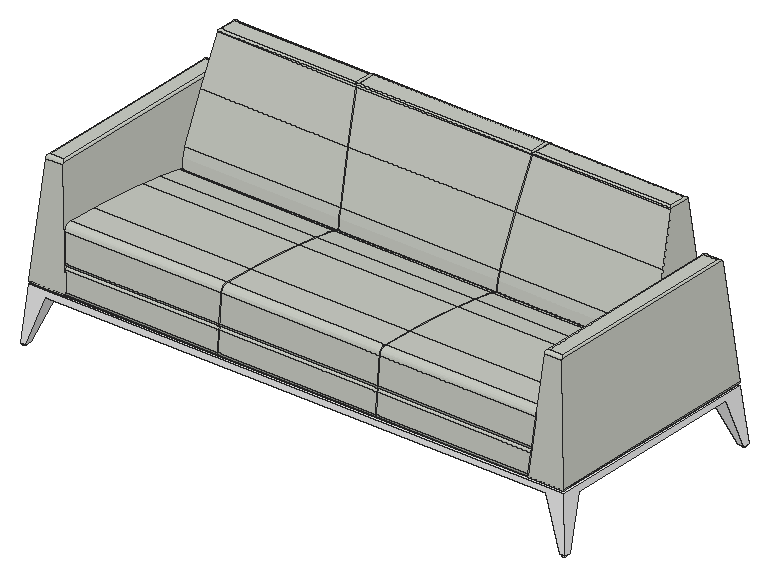
Revit family "Elan_VertexTwo_Sofa_76", category Furniture, Revit 2012
Parameters
  Width = 6' - 4"  # constant formula
  URL = "http://elanbydecca.com/"
  Upholstery [instance] = Furniture - DECCA (Elan) - Vertex - Upholstery
  Base [instance] = Furniture - DECCA (Elan) - Vertex - Base
  Product URL = "http://elanbydecca.com/PDFs/elan_tearsheet-vertex.pdf"
  Model = "VT LL500"
  Manufacturer = "Decca Contract"
  Height = 2' - 6"  # constant formula
  Description = "Vertex Two Sofa"
  Depth = 2' - 9"  # constant formula
  Assembly Description = "Furniture & Accessories"
  Assembly Code = "E2020200"
Reference planes (in)
  plane 1 "Center Front/Back": y = -0.7524
  plane 2: z = 0
  plane 3 "Center Left/Right": x = 0
  plane 4 "L": x = -38
  plane 5 "R": x = 38
  plane 6 "F": y = -16.7524
  plane 7: y = 15.2476
  plane 8: through (-6.25338, 2.33237, 23.38953) normal (0.4297, -0.4297, 0.7941)
  plane 9: z = 30
  plane 10: z = 16
  plane 11: x = -37.36862
  plane 12: x = -34.58452
  plane 13: x = -37.22423
  plane 14: x = 37.36862
  plane 15: x = 37.22423
  plane 16: z = 6.69972
  plane 17 "BT": z = 7.44949
  plane 18: z = 7.70022
  plane 19: x = -32.25435
  plane 20: x = 32.25435
  plane 21: z = 23.5
  plane 22: y = 14.61374
  plane 23: y = 14.47183
  plane 24: y = -16.11854
  plane 25: y = -15.97663
  plane 26: z = 0.19972
  plane 27: through (-15.22423, -180, 0.19694) normal (-0.9397, 0, 0.342)
  plane 28: through (0, 14.47183, 0.19694) normal (0, 0.9391, 0.3436)
  plane 29: y = 11.81791
  plane 30: y = -13.32271
  plane 31: x = 34.58452
  plane 32: through (0, 13.25934, 22.69446) normal (0, 0.9964, 0.0844)
  plane 33: through (0, -15.40972, 15.47123) normal (0, 0.9964, -0.0847)
  plane 34: through (-10.60194, -180, 18.93287) normal (0.996, 0, -0.0897)
  plane 35: through (10.60194, -180, 18.93287) normal (0.996, 0, 0.0897)
  plane 36: through (-10.60194, -180, 13.06713) normal (-0.996, 0, -0.0897)
  plane 37: through (10.60194, -180, 13.06713) normal (-0.996, 0, 0.0897)
  plane 38: z = 30
  plane 39: through (0, -14.08862, 10.99599) normal (0, 0.1045, 0.9945)
Forms (in)
  Blend 1, solid, material "Furniture - DECCA (Elan) - Vertex - Base" <- "Base"
    base sketch origin (0, 0, 8.32075) x (0, -1, 0) y (1, 0, 0)
      loop
        line (-15.2476, -38) -> (-14.47183, -38) -> (-14.47183, -37.22423) -> (-15.2476, -37.22423) -> (-15.2476, -38)
    top sketch origin (0, 0, 8.32075) x (0, -1, 0) y (1, 0, 0)
      loop
        line (-14.61374, -37.36862) -> (-11.81791, -37.36862) -> (-11.81791, -34.58452) -> (-14.61374, -34.58452) -> (-14.61374, -37.36862)
    from -8.12381 to -0.87126
  Blend 2, solid, material "Furniture - DECCA (Elan) - Vertex - Base" <- "Base"
    base sketch origin (0, -1.5048, 8.32075) x (0, -1, 0) y (1, 0, 0)
      loop
        line (15.2476, -38) -> (15.2476, -37.22423) -> (14.47183, -37.22423) -> (14.47183, -38) -> (15.2476, -38)
    top sketch origin (0, -1.5048, 8.32075) x (0, -1, 0) y (1, 0, 0)
      loop
        line (14.61374, -37.36862) -> (14.61374, -34.58452) -> (11.81791, -34.58452) -> (11.81791, -37.36862) -> (14.61374, -37.36862)
    from -8.12381 to -0.87126
  Blend 3, solid, material "Furniture - DECCA (Elan) - Vertex - Base" <- "Base"
    base sketch origin (0, -1.5048, 8.32075) x (0, 1, 0) y (-1, 0, 0)
      loop
        line (-15.2476, -38) -> (-14.47183, -38) -> (-14.47183, -37.22423) -> (-15.2476, -37.22423) -> (-15.2476, -38)
    top sketch origin (0, -1.5048, 8.32075) x (0, 1, 0) y (-1, 0, 0)
      loop
        line (-14.61374, -37.36862) -> (-11.81791, -37.36862) -> (-11.81791, -34.58452) -> (-14.61374, -34.58452) -> (-14.61374, -37.36862)
    from -8.12381 to -0.87126
  Blend 4, solid, material "Furniture - DECCA (Elan) - Vertex - Base" <- "Base"
    base sketch origin (0, 0, 8.32075) x (0, 1, 0) y (-1, 0, 0)
      loop
        line (15.2476, -38) -> (15.2476, -37.22423) -> (14.47183, -37.22423) -> (14.47183, -38) -> (15.2476, -38)
    top sketch origin (0, 0, 8.32075) x (0, 1, 0) y (-1, 0, 0)
      loop
        line (14.61374, -37.36862) -> (14.61374, -34.58452) -> (11.81791, -34.58452) -> (11.81791, -37.36862) -> (14.61374, -37.36862)
    from -8.12381 to -0.87126
  Extrusion 5, solid, material "Furniture - DECCA (Elan) - Vertex - Base" <- "Base"
    sketch origin (0, 0, 0) x (0, 1, 0) y (0, 0, 1)
      loop
        line (14.67927, 6.69972) -> (14.61374, 7.44949) -> (11.81791, 7.44949) -> (11.81791, 6.69972) -> (14.67927, 6.69972)
    from -37.36862 to 37.36862
  Extrusion 6, solid, material "Furniture - DECCA (Elan) - Vertex - Base" <- "Base"
    sketch origin (0, -1.5048, 0) x (0, -1, 0) y (0, 0, -1)
      loop
        line (14.67927, -6.69972) -> (11.81791, -6.69972) -> (11.81791, -7.44949) -> (14.61374, -7.44949) -> (14.67927, -6.69972)
    from -37.36862 to 37.36862
  Extrusion 7, solid, material "Furniture - DECCA (Elan) - Vertex - Base" <- "Base"
    sketch origin (0, -16.42176, 0) x (1, 0, 0) y (0, 0, -1)
      loop
        line (-37.43389, -6.69972) -> (-37.36862, -7.44949) -> (-34.58452, -7.44949) -> (-34.58452, -6.69972) -> (-37.43389, -6.69972)
      loop
        line (37.36862, -7.44949) -> (37.43389, -6.69972) -> (34.58452, -6.69972) -> (34.58452, -7.44949) -> (37.36862, -7.44949)
    from 0.30321 to 31.0355
  Extrusion 8, solid, material "Furniture - DECCA (Elan) - Vertex - Base" <- "Base"
    sketch origin (0, 0, 8.32075) x (0, -1, 0) y (1, 0, 0)
      loop
        circle (16.43547, 37.68431) r 0.25
      loop
        circle (16.43547, -37.68431) r 0.25
      loop
        circle (-14.93067, -37.68431) r 0.25
      loop
        circle (-14.93067, 37.68431) r 0.25
    from -8.32075 to -8.12102
  Extrusion 9, solid, material "Furniture - DECCA (Elan) - Vertex - Upholstery" <- "Upholstery"
    sketch origin (0, -16.42176, 0) x (1, 0, 0) y (0, 0, -1)
      loop
        line (-35.76398, -23.5) -> (-33.859, -23.5)
        arc (-33.859, -23.5) -> (-33.69006, -23.43428) -> (-33.60994, -23.27168) r 0.25
        line (-33.60994, -23.27168) -> (-32.278, -7.9719)
        arc (-32.278, -7.9719) -> (-32.34278, -7.78128) -> (-32.52706, -7.70022) r 0.25
        line (-32.52706, -7.70022) -> (-37.09591, -7.70022)
        arc (-37.09591, -7.70022) -> (-37.2802, -7.78128) -> (-37.34497, -7.9719) r 0.25
        line (-37.34497, -7.9719) -> (-36.01304, -23.27168)
        arc (-36.01304, -23.27168) -> (-35.93292, -23.43428) -> (-35.76398, -23.5) r 0.25
      loop
        line (32.278, -7.9719) -> (33.60994, -23.27168)
        arc (33.60994, -23.27168) -> (33.69006, -23.43428) -> (33.859, -23.5) r 0.25
        line (33.859, -23.5) -> (35.76398, -23.5)
        arc (35.76398, -23.5) -> (35.93292, -23.43428) -> (36.01304, -23.27168) r 0.25
        line (36.01304, -23.27168) -> (37.34497, -7.9719)
        arc (37.34497, -7.9719) -> (37.2802, -7.78128) -> (37.09591, -7.70022) r 0.25
        line (37.09591, -7.70022) -> (32.52706, -7.70022)
        arc (32.52706, -7.70022) -> (32.34278, -7.78128) -> (32.278, -7.9719) r 0.25
    from -0.33064 to 31.66936
  Extrusion 10, void
    sketch origin (0, 0, 0) x (0, 1, 0) y (0, 0, 1)
      loop
        line (14.55053, 7.44949) -> (16.4976, 7.44949) -> (16.4976, 30) -> (-18.0024, 30) -> (-18.0024, 7.44949) -> (-16.09189, 7.44949) -> (-14.76587, 23.04237)
        arc (-14.76587, 23.04237) -> (-14.60591, 23.36823) -> (-14.26767, 23.5) r 0.5
        line (-14.26767, 23.5) -> (12.73167, 23.5)
        arc (12.73167, 23.5) -> (13.06998, 23.36817) -> (13.22989, 23.0422) r 0.5
        line (13.22989, 23.0422) -> (14.55053, 7.44949)
    from -38 to 38
  Extrusion 11, solid, material "Furniture - DECCA (Elan) - Vertex - Upholstery" <- "Upholstery"
    sketch origin (0, 0, 0) x (0, 1, 0) y (0, 0, 1)
      loop
        line (12.41087, 30) -> (9.97402, 30)
        arc (9.97402, 30) -> (9.83242, 29.95603) -> (9.74063, 29.83959) r 0.25
        line (9.74063, 29.83959) -> (9.67423, 29.66662)
        arc (9.67423, 29.66662) -> (8.52817, 26.51784) -> (7.4927, 23.33098) r 96
        line (7.4927, 23.33098) -> (5.46904, 16.71189)
        arc (5.46904, 16.71189) -> (5.16239, 15.47882) -> (4.98785, 14.22024) r 12
        line (4.98785, 14.22024) -> (4.45645, 7.9714)
        arc (4.45645, 7.9714) -> (4.52143, 7.7811) -> (4.70555, 7.70022) r 0.25
        line (4.70555, 7.70022) -> (14.25723, 7.70022)
        arc (14.25723, 7.70022) -> (14.44131, 7.78107) -> (14.50633, 7.97132) r 0.25
        line (14.50633, 7.97132) -> (12.65997, 29.7711)
        arc (12.65997, 29.7711) -> (12.58002, 29.93409) -> (12.41087, 30) r 0.25
    from 0 to 34.58452
  Extrusion 12, void
    sketch origin (0, -16.42176, 0) x (1, 0, 0) y (0, 0, -1)
      loop
        line (12.2624, -29.77242) -> (11.18994, -17.86399)
        arc (11.18994, -17.86399) -> (11.08112, -16.25109) -> (11.04483, -14.63493) r 36
        line (11.04483, -14.63493) -> (11.04483, -7.44949) -> (-27.25, -7.44949) -> (-27.25, -31.75) -> (34.58452, -31.75) -> (34.58452, -7.70022) -> (32.25435, -7.70022) -> (32.83026, -14.3156)
        arc (32.83026, -14.3156) -> (32.85381, -15.39007) -> (32.8271, -16.46446) r 22.97837
        line (32.8271, -16.46446) -> (31.62574, -29.77242)
        arc (31.62574, -29.77242) -> (31.54541, -29.93453) -> (31.37675, -30) r 0.25
        line (31.37675, -30) -> (12.51139, -30)
        arc (12.51139, -30) -> (12.34273, -29.93453) -> (12.2624, -29.77242) r 0.25
    from 0 to 32.91936
  Extrusion 13, solid, material "Furniture - DECCA (Elan) - Vertex - Upholstery" <- "Upholstery"
    sketch origin (0, 0, 0) x (0, 1, 0) y (0, 0, 1)
      loop
        arc (4.96754, 13.98136) -> (4.89506, 14.23656) -> (4.67185, 14.37994) r 0.375
        line (4.67185, 14.37994) -> (4.26998, 14.46537)
        arc (4.26998, 14.46537) -> (2.72687, 14.75833) -> (1.17245, 14.98371) r 36
        line (1.17245, 14.98371) -> (-1.81029, 15.34995)
        arc (-1.81029, 15.34995) -> (-5.97767, 15.76958) -> (-10.15939, 16.00704) r 96
        line (-10.15939, 16.00704) -> (-14.39805, 16.15505)
        arc (-14.39805, 16.15505) -> (-15.09648, 15.90381) -> (-15.42935, 15.2404) r 1
        line (-15.42935, 15.2404) -> (-16.03598, 8.107)
        arc (-16.03598, 8.107) -> (-15.9385, 7.82154) -> (-15.66233, 7.70022) r 0.375
        line (-15.66233, 7.70022) -> (4.14633, 7.70022)
        arc (4.14633, 7.70022) -> (4.35773, 7.78258) -> (4.45771, 7.98624) r 0.3125
        line (4.45771, 7.98624) -> (4.96754, 13.98136)
    from 0 to 34.58452
  Sweep 14, solid, material "Furniture - DECCA (Elan) - Vertex - Base" <- "Base"
    path origin (0, 0, 7.44949) x (0, -1, 0) y (1, 0, 0)
      loop
        line (-11.81791, 34.58452) -> (-11.81791, -34.58452) -> (13.32271, -34.58452) -> (13.32271, 34.58452) -> (-11.81791, 34.58452)
    profile origin (0, 11.81791, 7.44949) x (0, -1, 0) y (0, 0, 1)
      loop
        line (-0.59791, 0) -> (-0.59791, 0.25073) -> (-2.59791, 0.25073) -> (-2.34718, 0) -> (-0.59791, 0)
  Extrusion 15, solid, material "Furniture - DECCA (Elan) - Vertex - Upholstery" <- "Upholstery"
    sketch origin (-23.58452, 0, 0) x (0, 1, 0) y (0, 0, 1)
      loop
        line (12.41087, 30) -> (9.97402, 30)
        arc (9.97402, 30) -> (9.83242, 29.95603) -> (9.74063, 29.83959) r 0.25
        line (9.74063, 29.83959) -> (9.67423, 29.66662)
        arc (9.67423, 29.66662) -> (8.52817, 26.51784) -> (7.4927, 23.33098) r 96
        line (7.4927, 23.33098) -> (5.46904, 16.71189)
        arc (5.46904, 16.71189) -> (5.16239, 15.47882) -> (4.98785, 14.22024) r 12
        line (4.98785, 14.22024) -> (4.45645, 7.9714)
        arc (4.45645, 7.9714) -> (4.52143, 7.7811) -> (4.70555, 7.70022) r 0.25
        line (4.70555, 7.70022) -> (14.25723, 7.70022)
        arc (14.25723, 7.70022) -> (14.44131, 7.78107) -> (14.50633, 7.97132) r 0.25
        line (14.50633, 7.97132) -> (12.65997, 29.7711)
        arc (12.65997, 29.7711) -> (12.58002, 29.93409) -> (12.41087, 30) r 0.25
    from -11 to 23.58452
  Extrusion 16, solid, material "Furniture - DECCA (Elan) - Vertex - Upholstery" <- "Upholstery"
    sketch origin (-23.58452, 0, 0) x (0, 1, 0) y (0, 0, 1)
      loop
        arc (4.96754, 13.98136) -> (4.89506, 14.23656) -> (4.67185, 14.37994) r 0.375
        line (4.67185, 14.37994) -> (4.26998, 14.46537)
        arc (4.26998, 14.46537) -> (2.72687, 14.75833) -> (1.17245, 14.98371) r 36
        line (1.17245, 14.98371) -> (-1.81029, 15.34995)
        arc (-1.81029, 15.34995) -> (-5.97767, 15.76958) -> (-10.15939, 16.00704) r 96
        line (-10.15939, 16.00704) -> (-14.39805, 16.15505)
        arc (-14.39805, 16.15505) -> (-15.09648, 15.90381) -> (-15.42935, 15.2404) r 1
        line (-15.42935, 15.2404) -> (-16.03598, 8.107)
        arc (-16.03598, 8.107) -> (-15.9385, 7.82154) -> (-15.66233, 7.70022) r 0.375
        line (-15.66233, 7.70022) -> (4.14633, 7.70022)
        arc (4.14633, 7.70022) -> (4.35773, 7.78258) -> (4.45771, 7.98624) r 0.3125
        line (4.45771, 7.98624) -> (4.96754, 13.98136)
    from -11 to 23.58452
  Extrusion 17, solid, material "Furniture - DECCA (Elan) - Vertex - Upholstery" <- "Upholstery"
    sketch origin (36.25, 0, 0) x (0, 1, 0) y (0, 0, 1)
      loop
        line (12.41087, 30) -> (9.97402, 30)
        arc (9.97402, 30) -> (9.83242, 29.95603) -> (9.74063, 29.83959) r 0.25
        line (9.74063, 29.83959) -> (9.67423, 29.66662)
        arc (9.67423, 29.66662) -> (8.52817, 26.51784) -> (7.4927, 23.33098) r 96
        line (7.4927, 23.33098) -> (5.46904, 16.71189)
        arc (5.46904, 16.71189) -> (5.16239, 15.47882) -> (4.98785, 14.22024) r 12
        line (4.98785, 14.22024) -> (4.45645, 7.9714)
        arc (4.45645, 7.9714) -> (4.52143, 7.7811) -> (4.70555, 7.70022) r 0.25
        line (4.70555, 7.70022) -> (14.25723, 7.70022)
        arc (14.25723, 7.70022) -> (14.44131, 7.78107) -> (14.50633, 7.97132) r 0.25
        line (14.50633, 7.97132) -> (12.65997, 29.7711)
        arc (12.65997, 29.7711) -> (12.58002, 29.93409) -> (12.41087, 30) r 0.25
    from -56.82895 to -14.20517
  Extrusion 18, solid, material "Furniture - DECCA (Elan) - Vertex - Upholstery" <- "Upholstery"
    sketch origin (46.75, 0, 0) x (0, 1, 0) y (0, 0, 1)
      loop
        arc (4.96754, 13.98136) -> (4.89506, 14.23656) -> (4.67185, 14.37994) r 0.375
        line (4.67185, 14.37994) -> (4.26998, 14.46537)
        arc (4.26998, 14.46537) -> (2.72687, 14.75833) -> (1.17245, 14.98371) r 36
        line (1.17245, 14.98371) -> (-1.81029, 15.34995)
        arc (-1.81029, 15.34995) -> (-5.97767, 15.76958) -> (-10.15939, 16.00704) r 96
        line (-10.15939, 16.00704) -> (-14.39805, 16.15505)
        arc (-14.39805, 16.15505) -> (-15.09648, 15.90381) -> (-15.42935, 15.2404) r 1
        line (-15.42935, 15.2404) -> (-16.03598, 8.107)
        arc (-16.03598, 8.107) -> (-15.9385, 7.82154) -> (-15.66233, 7.70022) r 0.375
        line (-15.66233, 7.70022) -> (4.14633, 7.70022)
        arc (4.14633, 7.70022) -> (4.35773, 7.78258) -> (4.45771, 7.98624) r 0.3125
        line (4.45771, 7.98624) -> (4.96754, 13.98136)
    from -67.32895 to -24.70517
  Extrusion 19, void
    sketch origin (0, -16.42176, 0) x (-1, 0, 0) y (0, 0, 1)
      loop
        arc (12.2624, 29.77242) -> (12.34273, 29.93453) -> (12.51139, 30) r 0.25
        line (12.51139, 30) -> (31.37675, 30)
        arc (31.37675, 30) -> (31.54539, 29.93455) -> (31.62573, 29.77248) r 0.25
        line (31.62573, 29.77248) -> (32.8271, 16.46446)
        arc (32.8271, 16.46446) -> (32.85381, 15.39007) -> (32.83026, 14.3156) r 22.97837
        line (32.83026, 14.3156) -> (32.25435, 7.70022) -> (34.58452, 7.70022) -> (34.58452, 31.75) -> (-27.25, 31.75) -> (-27.25, 7.44949) -> (11.04502, 7.44949) -> (11.04502, 14.63714)
        arc (11.04502, 14.63714) -> (11.08132, 16.25329) -> (11.19013, 17.8662) r 36
        line (11.19013, 17.8662) -> (12.2624, 29.77242)
    from 0 to 32.91936
  Extrusion 20, void
    sketch origin (0.16548, -16.42176, 0) x (-1, 0, 0) y (0, 0, 1)
      loop
        line (12.42384, 29.72758) -> (11.35562, 17.8662)
        arc (11.35562, 17.8662) -> (11.2468, 16.25329) -> (11.21051, 14.63714) r 36
        line (11.21051, 14.63714) -> (11.21051, 7.70022) -> (22.41548, 7.70022) -> (22.41548, 31.75) -> (-24.96406, 31.75) -> (-24.96406, 7.70022) -> (-10.87954, 7.70022) -> (-10.87954, 14.63714)
        arc (-10.87954, 14.63714) -> (-10.91584, 16.25329) -> (-11.02465, 17.8662) r 36
        line (-11.02465, 17.8662) -> (-12.09288, 29.72758)
        arc (-12.09288, 29.72758) -> (-12.02842, 29.91866) -> (-11.84388, 30) r 0.25
        line (-11.84388, 30) -> (12.17485, 30)
        arc (12.17485, 30) -> (12.35939, 29.91866) -> (12.42384, 29.72758) r 0.25
    from 0 to 32.91936
  Extrusion 21, void
    sketch origin (0, 0, 0) x (0, 1, 0) y (0, 0, 1)
      loop
        arc (-15.40157, 11.14149) -> (-15.65648, 11.2734) -> (-15.74345, 11.54692) r 0.375
        arc (-15.74345, 11.54692) -> (-16.14887, 11.20504) -> (-15.807, 10.79961) r 0.375
        arc (-15.807, 10.79961) -> (-15.67509, 11.05452) -> (-15.40157, 11.14149) r 0.375
    from -33.46539 to 33.75
Cuts and joins
  Extrusion 10, Extrusion 19, Extrusion 20 cuts Blend 1
  Extrusion 10, Extrusion 19, Extrusion 20 cuts Blend 2
  Extrusion 10, Extrusion 19, Extrusion 20 cuts Blend 3
  Extrusion 10, Extrusion 19, Extrusion 20 cuts Blend 4
  Extrusion 10, Extrusion 19, Extrusion 20 cuts Extrusion 5
  Extrusion 10, Extrusion 19, Extrusion 20 cuts Extrusion 6
  Extrusion 10, Extrusion 19, Extrusion 20 cuts Extrusion 7
  Extrusion 10, Extrusion 19, Extrusion 20 cuts Extrusion 8
  Extrusion 20 cuts Sweep 14
  joined: Blend 1, Blend 2, Blend 3, Blend 4, Extrusion 5, Extrusion 6, Extrusion 7, Extrusion 8, Sweep 14
  Extrusion 10, Extrusion 20 cuts Extrusion 9
  Extrusion 12 cuts Extrusion 11
  Extrusion 12, Extrusion 21 cuts Extrusion 13
  Extrusion 19 cuts Extrusion 15
  Extrusion 19, Extrusion 21 cuts Extrusion 16
  Extrusion 20 cuts Extrusion 17
  Extrusion 20, Extrusion 21 cuts Extrusion 18
Lines and regions (in)
  model lines
    curve 1: line (37.36862, 14.61374, 7.44949) -> (34.85741, 14.67927, 6.69972)
    curve 2: line (-34.85741, 14.67927, 6.69972) -> (-37.36862, 14.61374, 7.44949)
    curve 3: line (37.36862, -16.11854, 7.44949) -> (37.43389, -13.59707, 6.69972)
    curve 4: line (37.43389, 12.09227, 6.69972) -> (37.36862, 14.61374, 7.44949)
    curve 5: line (-37.36862, 14.61374, 7.44949) -> (-37.43389, 12.09227, 6.69972)
    curve 6: line (-37.43389, -13.59707, 6.69972) -> (-37.36862, -16.11854, 7.44949)
    curve 7: line (34.85741, -16.18407, 6.69972) -> (37.36862, -16.11854, 7.44949)
    curve 8: line (-37.36862, -16.11854, 7.44949) -> (-34.85741, -16.18407, 6.69972)
Dimensions and locks (in)
  equal spacing: plane 4 "L", plane 3 "Center Left/Right", plane 5 "R"
  equal spacing: plane 7, plane 1 "Center Front/Back", plane 6 "F"
  "Width": plane 4 "L" to plane 5 "R"
  "Height": plane 9 to level
  plane 18 to plane 17 "BT" to plane 16 to level = 0' - 0.25073" locked, 0' - 0.74977" locked, 0' - 6.69972" locked
  plane 12 to plane 13 to plane 11 to plane 4 "L" = 0' - 2.63971" locked, 0' - 0.14439" locked, 0' - 0.63138" locked
  locked: plane 19 to plane 4 "L" at 5.74565
  locked: plane 5 "R" to plane 20 at 5.74565
  locked: plane 10 to level at 16
  locked: plane 21 to level at 23.5
  locked: plane 26 to level at 0.19972
  plane 7 to plane 22 to plane 23 to plane 29 = 0' - 0.63386" locked, 0' - 0.14191" locked, 0' - 2.65392" locked
  plane 30 to plane 25 to plane 24 to plane 6 "F" = 0' - 2.65392" locked, 0' - 0.14191" locked, 0' - 0.63386" locked
  plane 31 to plane 15 to plane 14 to plane 5 "R" = 0' - 2.63971" locked, 0' - 0.14439" locked, 0' - 0.63138" locked
  aligned and locked: Blend 2 sketch curve to plane 4 "L"
  aligned and locked: Blend 2 sketch curve to plane 6 "F"
  aligned and locked: plane 13 to Blend 2 sketch curve
  aligned and locked: plane 25 to Blend 2 sketch curve
  aligned and locked: Blend 2 sketch curve to plane 24
  aligned and locked: plane 12 to Blend 2 sketch curve
  aligned and locked: plane 30 to Blend 2 sketch curve
  aligned and locked: Blend 2 sketch curve to plane 11
  aligned and locked: Blend 3 sketch curve to plane 25
  aligned and locked: Blend 3 sketch curve to plane 15
  aligned and locked: plane 6 "F" to Blend 3 sketch curve
  aligned and locked: plane 5 "R" to Blend 3 sketch curve
  aligned and locked: plane 24 to Blend 3 sketch curve
  aligned and locked: plane 14 to Blend 3 sketch curve
  aligned and locked: Blend 3 sketch curve to plane 31
  aligned and locked: Blend 3 sketch curve to plane 30
  aligned and locked: plane 7 to Blend 4 sketch curve
  aligned and locked: Blend 4 sketch curve to plane 5 "R"
  aligned and locked: plane 23 to Blend 4 sketch curve
  aligned and locked: plane 15 to Blend 4 sketch curve
  aligned and locked: Blend 4 sketch curve to plane 22
  aligned and locked: Blend 4 sketch curve to plane 14
  aligned and locked: plane 29 to Blend 4 sketch curve
  aligned and locked: plane 31 to Blend 4 sketch curve
  aligned and locked: Blend 1 to Extrusion 5 sketch curve
  aligned and locked: plane 16 to Extrusion 5 sketch curve
  aligned and locked: plane 17 "BT" to Extrusion 5 sketch curve
  aligned and locked: Extrusion 5 sketch curve to plane 29
  aligned and locked: Extrusion 5 to plane 11
  aligned and locked: Extrusion 5 to plane 14
  aligned and locked: Extrusion 6 to plane 11
  aligned and locked: Extrusion 6 to plane 14
  aligned and locked: plane 12 to Extrusion 7 sketch curve
  aligned and locked: plane 16 to Extrusion 7 sketch curve
  aligned and locked: plane 17 "BT" to Extrusion 7 sketch curve
  aligned and locked: Extrusion 7 sketch curve to plane 16
  aligned and locked: Extrusion 7 sketch curve to plane 17 "BT"
  aligned and locked: Extrusion 7 sketch curve to plane 31
  aligned and locked: Extrusion 7 to plane 22
  aligned and locked: Extrusion 7 to plane 24
  aligned and locked: Extrusion 8 to level
  aligned and locked: Extrusion 8 to plane 26
  aligned and locked: plane 21 to Extrusion 9 sketch curve  (x2)
  aligned and locked: plane 18 to Extrusion 9 sketch curve
  aligned and locked: Extrusion 10 sketch curve to plane 32
  aligned and locked: plane 9 to Extrusion 10 sketch curve
  aligned and locked: plane 17 "BT" to Extrusion 10 sketch curve
  aligned and locked: plane 33 to Extrusion 10 sketch curve
  aligned and locked: Extrusion 10 to plane 4 "L"
  aligned and locked: Extrusion 10 to plane 5 "R"
  aligned and locked: Extrusion 9 sketch curve to plane 18
  aligned and locked: plane 9 to Extrusion 11 sketch curve
  aligned and locked: plane 32 to Extrusion 11 sketch curve
  aligned and locked: plane 18 to Extrusion 11 sketch curve
  aligned: Extrusion 11 to plane 12
  aligned and locked: plane 17 "BT" to Extrusion 12 sketch curve
  aligned and locked: plane 9 to Extrusion 12 sketch curve
  aligned and locked: Extrusion 12 sketch curve to plane 18
  aligned and locked: plane 18 to Extrusion 13 sketch curve
  aligned and locked: plane 33 to Extrusion 13 sketch curve
  aligned: Extrusion 13 to plane 12
  aligned and locked: plane 29 to Sweep 14 sketch curve
  aligned and locked: Sweep 14 sketch curve to plane 30
  aligned and locked: Sweep 14 sketch curve to plane 31
  aligned and locked: plane 12 to Sweep 14 sketch curve
  aligned and locked: plane 21 to Extrusion 10 sketch curve
Automatic sketch dimensions
  Blend 1 sketch curve to plane 7 = 0' - 0"
  Blend 1 sketch curve to plane 4 "L" = 0' - 0"
  plane 23 to Blend 1 sketch curve = 0' - 0"
  Blend 1 sketch curve to plane 13 = 0' - 0"
  Blend 1 sketch curve to plane 12 = 0' - 0"
  plane 22 to Blend 1 sketch curve = 0' - 0"
  Blend 1 sketch curve to plane 11 = 0' - 0"
  plane 29 to Blend 1 sketch curve = 0' - 0"
  Extrusion 5 to curve 1 = 0' - 0"  (x2)
  Extrusion 5 to curve 2 = 0' - 0"
  curve 1 to Extrusion 5 = 0' - 0"
  curve 2 to Extrusion 5 = 0' - 0"  (x2)
  Extrusion 5 to curve 2 = 0' - 2.51122"
  Extrusion 5 to curve 1 = 0' - 2.51122"
  plane 17 "BT" to Extrusion 6 sketch curve = 0' - 0"
  Extrusion 6 sketch curve to plane 30 = 0' - 0"
  plane 16 to Extrusion 6 sketch curve = 0' - 0"
  Extrusion 6 sketch curve to plane 24 = 0' - 0"
  plane 24 to Extrusion 6 sketch curve = 0' - 0.06553"
  Extrusion 7 sketch curve to plane 11 = 0' - 0"
  plane 11 to Extrusion 7 sketch curve = 0' - 0.06527"
  Extrusion 7 sketch curve to plane 14 = 0' - 0"
  plane 14 to Extrusion 7 sketch curve = 0' - 0.06527"
  curve 3 to Blend 4 = 0' - 0"
  Blend 4 to curve 4 = 0' - 0"
  curve 4 to Blend 4 = 0' - 0"  (x2)
  Blend 4 to curve 4 = 0' - 0.7526"
  Blend 4 to curve 3 = 0' - 0.7526"
  curve 3 to curve 4 = 2' - 1.68934"
  curve 3 to curve 3 = 0' - 2.52147"
  curve 5 to Blend 1 = 0' - 0"
  Blend 1 to curve 5 = 0' - 0"  (x2)
  curve 6 to Blend 1 = 0' - 0"
  Blend 1 to curve 5 = 0' - 0.7526"
  Blend 1 to curve 6 = 0' - 0.7526"
  curve 5 to curve 6 = 2' - 1.68934"
  curve 6 to curve 6 = 0' - 2.52147"
  Blend 2 to curve 8 = 0' - 0"  (x2)
  Blend 2 to curve 7 = 0' - 0"
  curve 8 to Blend 2 = 0' - 0"
  Blend 2 to curve 8 = 0' - 0.75262"
  Blend 2 to curve 7 = 0' - 0.75262"
  curve 8 to curve 7 = 5' - 9.71482"
  curve 7 to curve 7 = 0' - 2.51122"
  Extrusion 8 sketch curve to plane 7 = 0' - 0.31693"  (x2)
  plane 6 "F" to Extrusion 8 sketch curve = 0' - 0.31693"  (x2)
  plane 4 "L" to Extrusion 8 sketch curve = 0' - 0.31569"  (x2)
  plane 5 "R" to Extrusion 8 sketch curve = 0' - 0.31569"  (x2)
  Extrusion 9 sketch curve to plane 11 = 0' - 0.02365"
  Extrusion 9 sketch curve to plane 13 = 0' - 0.12832"
  plane 21 to Extrusion 9 sketch curve = 0' - 0.22832"  (x2)
  Extrusion 9 sketch curve to plane 13 = 0' - 1.21119"
  Extrusion 9 sketch curve to Extrusion 9 sketch curve = 0' - 0.24906"  (x5)
  Extrusion 9 sketch curve to plane 12 = 0' - 0.72552"
  Extrusion 9 sketch curve to plane 19 = 0' - 0.27271"
  Extrusion 9 sketch curve to plane 19 = 0' - 0.02365"
  Extrusion 9 sketch curve to plane 20 = 0' - 0.02365"
  Extrusion 9 sketch curve to plane 31 = 0' - 0.97458"
  plane 31 to Extrusion 9 sketch curve = 0' - 1.17946"
  Extrusion 9 sketch curve to plane 15 = 0' - 0.12832"
  Extrusion 9 sketch curve to plane 14 = 0' - 0.02365"
  Extrusion 9 sketch curve to Extrusion 9 sketch curve = 0' - 0 1/4"  (x6)
  plane 17 "BT" to Extrusion 10 sketch curve = 0' - 0"
  Extrusion 10 sketch curve to plane 6 "F" = 0' - 1 1/4"
  Extrusion 10 sketch curve to plane 21 = 0' - 0.45763"
  Extrusion 10 sketch curve to Extrusion 10 sketch curve = 0' - 0.4982"
  Extrusion 10 sketch curve to plane 21 = 0' - 0 1/2"
  Extrusion 10 sketch curve to plane 21 = 0' - 0.4578"
  plane 7 to Extrusion 10 sketch curve = 0' - 1 1/4"
  Extrusion 11 sketch curve to plane 18 = 0' - 0.27118"
  Extrusion 11 sketch curve to plane 1 "Center Front/Back" = 0' - 5.20885"
  Extrusion 11 sketch curve to Extrusion 11 sketch curve = 0' - 0.2491"
  Extrusion 11 sketch curve to plane 10 = 0' - 1.77976"
  Extrusion 11 sketch curve to plane 1 "Center Front/Back" = 0' - 5.74025"
  plane 10 to Extrusion 11 sketch curve = 0' - 0.71189"
  Extrusion 11 sketch curve to Extrusion 11 sketch curve = 0' - 0.48119"
  Extrusion 11 sketch curve to plane 21 = 0' - 0.16902"
  plane 29 to Extrusion 11 sketch curve = 0' - 4.32522"
  Extrusion 11 sketch curve to plane 9 = 0' - 0.33338"
  Extrusion 11 sketch curve to Extrusion 11 sketch curve = 0' - 2.18154"
  Extrusion 11 sketch curve to plane 9 = 0' - 0.16041"
  Extrusion 11 sketch curve to Extrusion 11 sketch curve = 0' - 0 17/256"
  Extrusion 11 sketch curve to Extrusion 11 sketch curve = 0' - 0.2334"
  Extrusion 11 sketch curve to plane 9 = 0' - 0 1/4"
  Extrusion 11 sketch curve to plane 9 = 0' - 0.2289"
  plane 23 to Extrusion 11 sketch curve = 0' - 0.21461"
  Extrusion 11 sketch curve to plane 23 = 0' - 0.0345"
  plane 7 to Extrusion 11 sketch curve = 0' - 1.69709"
  Extrusion 11 sketch curve to level = 0' - 4.73671"
  Extrusion 13 sketch curve to plane 25 = 0' - 0.05935"
  plane 25 to Extrusion 13 sketch curve = 0' - 0.3143"
  plane 25 to Extrusion 13 sketch curve = 0' - 0.54728"
  Extrusion 13 sketch curve to Extrusion 13 sketch curve = 0' - 0.9964"
  plane 10 to Extrusion 13 sketch curve = 0' - 0.15505"
  Extrusion 13 sketch curve to Extrusion 13 sketch curve = 0' - 0.0349"
  Extrusion 13 sketch curve to plane 30 = 0' - 0.18703"
  plane 10 to Extrusion 13 sketch curve = 0' - 0.00704"
  plane 30 to Extrusion 13 sketch curve = 0' - 3.16332"
  plane 1 "Center Front/Back" to Extrusion 13 sketch curve = 0' - 2.46245"
  Extrusion 13 sketch curve to plane 10 = 0' - 0.65005"
  plane 1 "Center Front/Back" to Extrusion 13 sketch curve = 0' - 1.05789"
  Extrusion 13 sketch curve to plane 10 = 0' - 1.01629"
  Extrusion 13 sketch curve to plane 1 "Center Front/Back" = 0' - 1.92485"
  Extrusion 13 sketch curve to plane 18 = 0' - 0 5/16"
  Extrusion 13 sketch curve to plane 1 "Center Front/Back" = 0' - 4.89873"
  Extrusion 13 sketch curve to plane 10 = 0' - 1.53463"
  Extrusion 13 sketch curve to Extrusion 13 sketch curve = 0' - 3.09752"
  Extrusion 13 sketch curve to plane 18 = 0' - 0.28602"
  Extrusion 13 sketch curve to Extrusion 13 sketch curve = 0' - 0.32391"
  Extrusion 13 sketch curve to plane 10 = 0' - 1.62006"
  Extrusion 13 sketch curve to Extrusion 13 sketch curve = 0' - 0.07797"
  Extrusion 13 sketch curve to Extrusion 13 sketch curve = 0' - 0.37365"
  Extrusion 13 sketch curve to Extrusion 13 sketch curve = 0' - 0.39858"
  plane 17 "BT" to Sweep 14 sketch curve = 0' - 0"
  Sweep 14 sketch curve to plane 17 "BT" = 0' - 0.25073"
  profile plane to Sweep 14 sketch curve = 0' - 2.59791"
  Sweep 14 sketch curve to Sweep 14 sketch curve = 0' - 0.25073"
  profile plane to Sweep 14 sketch curve = 0' - 0.59791"
  plane 18 to Extrusion 15 sketch curve = 0' - 0"
  Extrusion 15 sketch curve to plane 9 = 0' - 0"
  Extrusion 15 sketch curve to plane 32 = 0' - 0"  (x2)
  Extrusion 15 sketch curve to plane 18 = 0' - 0.27118"
  Extrusion 15 sketch curve to plane 1 "Center Front/Back" = 0' - 5.20885"
  Extrusion 15 sketch curve to plane 18 = 0' - 0 1/4"
  Extrusion 15 sketch curve to plane 10 = 0' - 1.77976"
  Extrusion 15 sketch curve to plane 1 "Center Front/Back" = 0' - 5.74025"
  plane 10 to Extrusion 15 sketch curve = 0' - 0.71189"
  Extrusion 15 sketch curve to Extrusion 15 sketch curve = 0' - 0.48119"
  Extrusion 15 sketch curve to plane 21 = 0' - 0.16902"
  plane 29 to Extrusion 15 sketch curve = 0' - 4.32522"
  Extrusion 15 sketch curve to plane 9 = 0' - 0.33338"
  Extrusion 15 sketch curve to Extrusion 15 sketch curve = 0' - 2.18154"
  Extrusion 15 sketch curve to plane 9 = 0' - 0.16041"
  Extrusion 15 sketch curve to Extrusion 15 sketch curve = 0' - 0 17/256"
  Extrusion 15 sketch curve to Extrusion 15 sketch curve = 0' - 0.2334"
  Extrusion 15 sketch curve to plane 9 = 0' - 0 1/4"
  Extrusion 15 sketch curve to plane 9 = 0' - 0.2289"
  plane 23 to Extrusion 15 sketch curve = 0' - 0.21461"
  Extrusion 15 sketch curve to plane 23 = 0' - 0.0345"
  plane 7 to Extrusion 15 sketch curve = 0' - 1.69709"
  Extrusion 15 sketch curve to level = 0' - 4.73671"
  plane 33 to Extrusion 16 sketch curve = 0' - 0"  (x2)
  plane 18 to Extrusion 16 sketch curve = 0' - 0"
  Extrusion 16 sketch curve to plane 25 = 0' - 0.05935"
  plane 25 to Extrusion 16 sketch curve = 0' - 0.3143"
  plane 25 to Extrusion 16 sketch curve = 0' - 0.54728"
  Extrusion 16 sketch curve to Extrusion 16 sketch curve = 0' - 0.9964"
  plane 10 to Extrusion 16 sketch curve = 0' - 0.15505"
  Extrusion 16 sketch curve to Extrusion 16 sketch curve = 0' - 0.0349"
  Extrusion 16 sketch curve to plane 30 = 0' - 0.18703"
  plane 10 to Extrusion 16 sketch curve = 0' - 0.00704"
  plane 30 to Extrusion 16 sketch curve = 0' - 3.16332"
  plane 1 "Center Front/Back" to Extrusion 16 sketch curve = 0' - 2.46245"
  Extrusion 16 sketch curve to plane 10 = 0' - 0.65005"
  plane 1 "Center Front/Back" to Extrusion 16 sketch curve = 0' - 1.05789"
  Extrusion 16 sketch curve to plane 10 = 0' - 1.01629"
  Extrusion 16 sketch curve to plane 1 "Center Front/Back" = 0' - 1.92485"
  Extrusion 16 sketch curve to plane 18 = 0' - 0 5/16"
  Extrusion 16 sketch curve to plane 1 "Center Front/Back" = 0' - 4.89873"
  Extrusion 16 sketch curve to plane 10 = 0' - 1.53463"
  Extrusion 16 sketch curve to Extrusion 16 sketch curve = 0' - 3.09752"
  Extrusion 16 sketch curve to plane 18 = 0' - 0.28602"
  Extrusion 16 sketch curve to Extrusion 16 sketch curve = 0' - 0.32391"
  Extrusion 16 sketch curve to plane 10 = 0' - 1.62006"
  Extrusion 16 sketch curve to Extrusion 16 sketch curve = 0' - 0.07797"
  Extrusion 16 sketch curve to Extrusion 16 sketch curve = 0' - 0.37365"
  Extrusion 16 sketch curve to Extrusion 16 sketch curve = 0' - 0.39858"
  plane 18 to Extrusion 17 sketch curve = 0' - 0"
  Extrusion 17 sketch curve to plane 9 = 0' - 0"
  Extrusion 17 sketch curve to plane 32 = 0' - 0"  (x2)
  Extrusion 17 sketch curve to plane 18 = 0' - 0.27118"
  Extrusion 17 sketch curve to plane 1 "Center Front/Back" = 0' - 5.20885"
  Extrusion 17 sketch curve to Extrusion 17 sketch curve = 0' - 0.2491"
  Extrusion 17 sketch curve to plane 10 = 0' - 1.77976"
  Extrusion 17 sketch curve to plane 1 "Center Front/Back" = 0' - 5.74025"
  plane 10 to Extrusion 17 sketch curve = 0' - 0.71189"
  Extrusion 17 sketch curve to Extrusion 17 sketch curve = 0' - 0.48119"
  Extrusion 17 sketch curve to plane 21 = 0' - 0.16902"
  plane 29 to Extrusion 17 sketch curve = 0' - 4.32522"
  Extrusion 17 sketch curve to plane 9 = 0' - 0.33338"
  Extrusion 17 sketch curve to Extrusion 17 sketch curve = 0' - 2.18154"
  Extrusion 17 sketch curve to plane 9 = 0' - 0.16041"
  Extrusion 17 sketch curve to Extrusion 17 sketch curve = 0' - 0 17/256"
  Extrusion 17 sketch curve to Extrusion 17 sketch curve = 0' - 0.2334"
  Extrusion 17 sketch curve to plane 9 = 0' - 0 1/4"
  Extrusion 17 sketch curve to plane 9 = 0' - 0.2289"
  plane 23 to Extrusion 17 sketch curve = 0' - 0.21461"
  Extrusion 17 sketch curve to plane 23 = 0' - 0.0345"
  plane 7 to Extrusion 17 sketch curve = 0' - 1.69709"
  Extrusion 17 sketch curve to level = 0' - 4.73671"
  plane 33 to Extrusion 18 sketch curve = 0' - 0"  (x2)
  plane 18 to Extrusion 18 sketch curve = 0' - 0"
  Extrusion 18 sketch curve to plane 25 = 0' - 0.05935"
  plane 25 to Extrusion 18 sketch curve = 0' - 0.3143"
  plane 25 to Extrusion 18 sketch curve = 0' - 0.54728"
  Extrusion 18 sketch curve to Extrusion 18 sketch curve = 0' - 0.9964"
  plane 10 to Extrusion 18 sketch curve = 0' - 0.15505"
  Extrusion 18 sketch curve to Extrusion 18 sketch curve = 0' - 0.0349"
  Extrusion 18 sketch curve to plane 30 = 0' - 0.18703"
  plane 10 to Extrusion 18 sketch curve = 0' - 0.00704"
  plane 30 to Extrusion 18 sketch curve = 0' - 3.16332"
  plane 1 "Center Front/Back" to Extrusion 18 sketch curve = 0' - 2.46245"
  Extrusion 18 sketch curve to plane 10 = 0' - 0.65005"
  plane 1 "Center Front/Back" to Extrusion 18 sketch curve = 0' - 1.05789"
  Extrusion 18 sketch curve to plane 10 = 0' - 1.01629"
  Extrusion 18 sketch curve to plane 1 "Center Front/Back" = 0' - 1.92485"
  Extrusion 18 sketch curve to plane 18 = 0' - 0 5/16"
  Extrusion 18 sketch curve to plane 1 "Center Front/Back" = 0' - 4.89873"
  Extrusion 18 sketch curve to plane 10 = 0' - 1.53463"
  Extrusion 18 sketch curve to Extrusion 18 sketch curve = 0' - 3.09752"
  Extrusion 18 sketch curve to plane 18 = 0' - 0.28602"
  Extrusion 18 sketch curve to Extrusion 18 sketch curve = 0' - 0.32391"
  Extrusion 18 sketch curve to plane 10 = 0' - 1.62006"
  Extrusion 18 sketch curve to Extrusion 18 sketch curve = 0' - 0.07797"
  Extrusion 18 sketch curve to Extrusion 18 sketch curve = 0' - 0.37365"
  Extrusion 18 sketch curve to Extrusion 18 sketch curve = 0' - 0.39858"
  Extrusion 19 sketch curve to plane 17 "BT" = 0' - 0"
  Extrusion 19 sketch curve to plane 9 = 0' - 0"
  Extrusion 19 sketch curve to plane 18 = 0' - 0"
  Extrusion 19 sketch curve to plane 19 = 0' - 0"
  plane 12 to Extrusion 19 sketch curve = 0' - 0"
  Extrusion 19 sketch curve to plane 9 = 0' - 0.22752"
  Extrusion 19 sketch curve to plane 19 = 0' - 0.62862"
  Extrusion 19 sketch curve to Extrusion 19 sketch curve = 0' - 0.24899"  (x2)
  Extrusion 19 sketch curve to plane 3 "Center Left/Right" = 1' - 0.51139"
  Extrusion 19 sketch curve to plane 9 = 0' - 0.22758"
  Extrusion 19 sketch curve to plane 21 = 0' - 5.6338"
  Extrusion 19 sketch curve to Extrusion 19 sketch curve = 0' - 1.07226"
  Extrusion 19 sketch curve to plane 18 = 0' - 6.93691"
  Extrusion 19 sketch curve to Extrusion 19 sketch curve = 0' - 0.14511"
  Extrusion 19 sketch curve to plane 10 = 0' - 0.64367"
  Extrusion 19 sketch curve to Extrusion 19 sketch curve = 0' - 1.16955"
  plane 9 to Extrusion 19 sketch curve = 0' - 1 3/4"
  Extrusion 19 sketch curve to plane 20 = 0' - 5.00435"
  plane 19 to Extrusion 19 sketch curve = 0' - 0.57275"
  plane 19 to Extrusion 19 sketch curve = 0' - 0.57591"
  Extrusion 19 sketch curve to plane 10 = 0' - 1.6844"
  Extrusion 12 sketch curve to plane 20 = 0' - 0"
  plane 31 to Extrusion 12 sketch curve = 0' - 0"
  plane 9 to Extrusion 12 sketch curve = 0' - 0.22758"  (x2)
  plane 20 to Extrusion 12 sketch curve = 0' - 0.62861"
  Extrusion 12 sketch curve to Extrusion 12 sketch curve = 0' - 0.24899"  (x2)
  Extrusion 12 sketch curve to plane 3 "Center Left/Right" = 1' - 0.51139"
  plane 21 to Extrusion 12 sketch curve = 0' - 5.63601"
  Extrusion 12 sketch curve to Extrusion 12 sketch curve = 0' - 1.07246"
  plane 18 to Extrusion 12 sketch curve = 0' - 6.93471"
  Extrusion 12 sketch curve to Extrusion 12 sketch curve = 0' - 0.14511"
  plane 10 to Extrusion 12 sketch curve = 0' - 0.64367"
  Extrusion 12 sketch curve to Extrusion 12 sketch curve = 0' - 1.16935"
  Extrusion 12 sketch curve to plane 9 = 0' - 1 3/4"
  plane 19 to Extrusion 12 sketch curve = 0' - 5.00435"
  Extrusion 12 sketch curve to plane 20 = 0' - 0.57275"
  Extrusion 12 sketch curve to plane 20 = 0' - 0.57591"
  plane 10 to Extrusion 12 sketch curve = 0' - 1.6844"
  Extrusion 20 sketch curve to plane 18 = 0' - 0"  (x2)
  Extrusion 20 sketch curve to plane 9 = 0' - 0"
  Extrusion 20 sketch curve to plane 10 = 0' - 1.36286"  (x2)
  Extrusion 20 sketch curve to plane 5 "R" = 0' - 9.04502"
  Extrusion 20 sketch curve to plane 20 = 0' - 7.12481"
  Extrusion 20 sketch curve to plane 9 = 0' - 0.27242"  (x2)
  plane 3 "Center Left/Right" to Extrusion 20 sketch curve = 1' - 0.25836"
  Extrusion 20 sketch curve to Extrusion 20 sketch curve = 0' - 0.24899"
  plane 10 to Extrusion 20 sketch curve = 0' - 1.8662"  (x2)
  plane 3 "Center Left/Right" to Extrusion 20 sketch curve = 0' - 11.19013"
  Extrusion 20 sketch curve to plane 3 "Center Left/Right" = 0' - 11.04502"
  Extrusion 20 sketch curve to Extrusion 20 sketch curve = 0' - 0.14511"
  Extrusion 20 sketch curve to plane 9 = 0' - 0 1/4"
  Extrusion 20 sketch curve to plane 3 "Center Left/Right" = 1' - 0.00937"
  plane 9 to Extrusion 20 sketch curve = 0' - 1 3/4"
  Extrusion 20 sketch curve to plane 19 = 0' - 10.00435"
  plane 33 to Extrusion 21 sketch curve = 0' - 0"  (x4)
  Extrusion 21 sketch curve to plane 39 = 0' - 0"
  plane 25 to Extrusion 21 sketch curve = 0' - 0.16963"
  Extrusion 21 sketch curve to Extrusion 21 sketch curve = 0' - 0.37365"  (x2)
  Extrusion 21 sketch curve to Extrusion 21 sketch curve = 0' - 0"  (x2)
  Extrusion 21 sketch curve to Extrusion 21 sketch curve = 0' - 0.03178"  (x2)
  radius of Extrusion 8 sketch curve = 0' - 0 1/4"  (x4)
